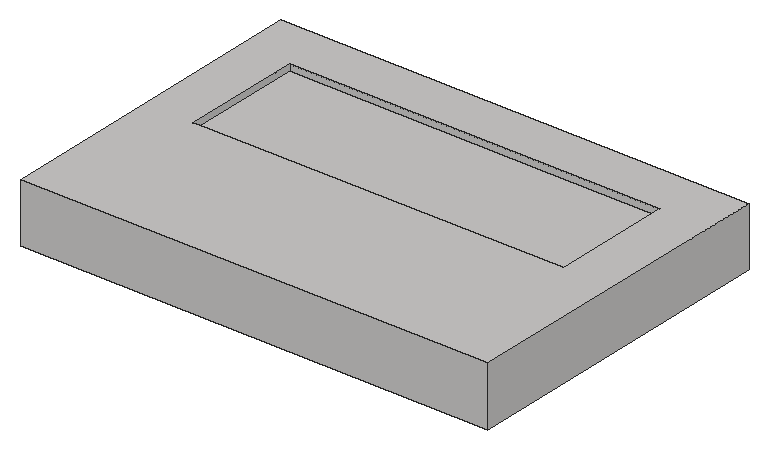
Revit family
Parameters (values of type "B-221")
  offset [instance] = 0' - 0"
  Warranty Duration (Years) = 0
  Unit Width = 1' - 3 3/4"
  Unit Height = 0' - 11"
  Unit Depth = 0' - 2"
  URL = "http://www.bobrick.com/Pages/default.aspx"
  Specification = ""
  SpecWizard = ""
  Send Message = "http://www.arcat.com/users.pl?action=UserEmail&company=Bobrick+Washroom+Equipment,+Inc.&coid=30988&rep=156&fax=818-503-1930&mf="
  Sales Information = "http://www.bobrick.com/Pages/ContactUs.aspx"
  Revision = "R1_10-2012"
  Product Properties = ""
  Product Data = "http://arcat.com/arcatcos/cos30/arc30988.html?isac=1&r=1"
  Mounting Height [instance] = 4' - 0"
  Model = "B-221"
  Manufacturer Website = "http://www.bobrick.com/Pages/default.aspx"
  Manufacturer Phone - Toll Free = ""
  Manufacturer Phone = "818-764-1000"
  Manufacturer Fax = "818-503-1930"
  Manufacturer Address = "11611 Hart St. North Hollywood, CA 91605-5882"
  Manufacturer = "Bobrick Washroom Equipment, Inc."
  Maintenance Schedule (Months) = 0
  Keynote = "102813"
  Installation-Fabrication = "http://www.bobrick.com/washroomaccessories/Pages/WashroomAccessories.aspx"
  Installation Phase = ""
  Green Building-LEED = ""
  Finish Material = Stainless Steel - Bobrick - Satin
  Expected Lifespan (Years) = 0
  Drawn By = "Sumex Design, Inc. / Robert S. Weygant, CSI, CDT, SCIP"
  Description = "Bobrick B-221 Classic Series Surface Mounted Seat Cover Dispenser"
  Default Elevation = 4' - 0"
  Copyright = "©Arcat Inc."
  Construction Details = ""
  Capacity = "250 Seat Covers"
  Assembly Code = "E1090900"
Reference planes (in)
  plane 1 "Center (Front/Back)": y = 5.99216
  plane 2 "Bottom": z = 0
  plane 3 "Center (Left/Right)": x = 0
  plane 4 "Front": y = 0.49216
  plane 5 "Back": y = 11.49216
  plane 6 "Left": x = -7.875
  plane 7 "Right": x = 7.875
  plane 8 "Top": z = 2
  plane 9 "CLEARANCE": y = -4.50784
  plane 10 "FF": y = -36.50784
Forms (in)
  Extrusion 1, solid, material "Stainless Steel - Bobrick - Satin" <- "Finish Material"
    sketch origin (0, 0, 0) x (1, 0, 0) y (0, 1, 0)
      loop
        line (-7.875, 11.49216) -> (-7.875, 0.49216) -> (7.875, 0.49216) -> (7.875, 11.49216) -> (-7.875, 11.49216)
    from 0 to 2
  Extrusion 2, void
    sketch origin (0, 0, 0.59745) x (1, 0, 0) y (0, 1, 0)
      loop
        line (-6.25, 9.80466) -> (-6.25, 5.74216) -> (6.25, 5.74216) -> (6.25, 9.80466) -> (-6.25, 9.80466)
    from 1.17395 to 1.40255
Cuts and joins
  Extrusion 2 cuts Extrusion 1
Dimensions and locks (in)
  equal spacing: plane 6 "Left", plane 3 "Center (Left/Right)", plane 7 "Right"
  "Unit Width": plane 6 "Left" to plane 7 "Right"
  equal spacing: plane 5 "Back", plane 1 "Center (Front/Back)", plane 4 "Front"
  "Unit Height": plane 5 "Back" to plane 4 "Front"
  "Unit Depth": plane 8 "Top" to level
  "Mounting Height": plane 5 "Back" to plane 10 "FF"
  locked: plane 4 "Front" to plane 9 "CLEARANCE" at 5
  aligned and locked: plane 6 "Left" to Extrusion 1 sketch curve
  aligned and locked: Extrusion 1 sketch curve to plane 5 "Back"
  aligned and locked: plane 4 "Front" to Extrusion 1 sketch curve
  aligned and locked: Extrusion 1 sketch curve to plane 7 "Right"
  aligned and locked: plane 8 "Top" to Extrusion 1
Automatic sketch dimensions
  plane 1 "Center (Front/Back)" to Extrusion 2 sketch curve = 0' - 0 1/4"
  plane 6 "Left" to Extrusion 2 sketch curve = 0' - 1 5/8"
  Extrusion 2 sketch curve to plane 7 "Right" = 0' - 1 5/8"
  Extrusion 2 sketch curve to plane 5 "Back" = 0' - 1 11/16"
